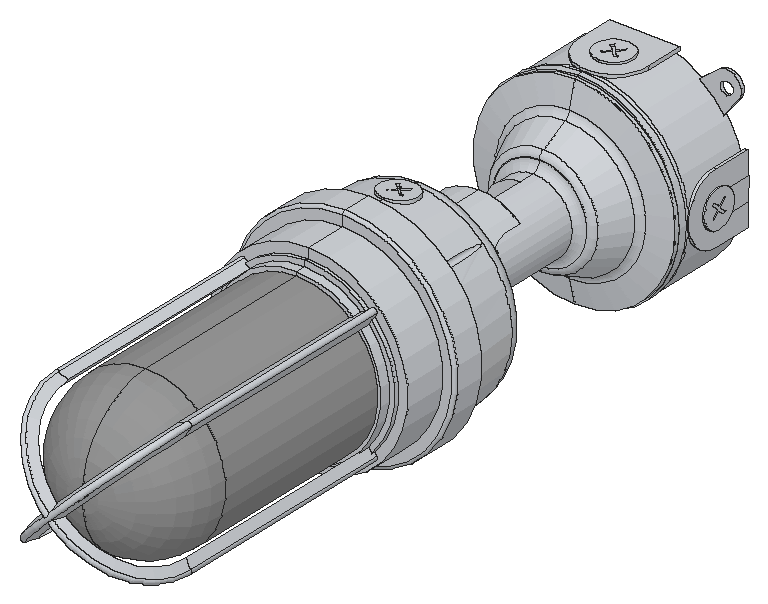
Revit family "Jelly Jar_Wall&Ceiling_20W_3000K&4000K&5000K", category Lighting Fixtures, Revit 2022
Family settings
  Round Connector Dimension = Use Diameter
  Part Type = Normal
  Work Plane-Based = No
  Always vertical = No
  Cut with Voids When Loaded = No
  Light Source = No
  Maintain Annotation Orientation = No
  Shared = No
  Room Calculation Point = No
Parameters (values of type "Jelly Jar_Ceiling Mount_20W_4000K")
  Wattage = "20W"
  Wall Mount = no
  URL = "https://www.abovealllighting.com/Product/LED-OUTDOOR-FIXTURES/LED-Pot-Series-Vapor-Proof-Fixtures/JellyJarLEDVaporProofLight.html"
  Power Factor = "0.9"
  Model = "JJR20LEDSW1-CWM-GY"
  Manufacturer = "Above All Lighting"
  Luminaire = Luminaire : 4000K
  Lumen Output = "1900lx"
  Load Classification = Lighting
  Lamp = "LED"
  Input Voltage = "120-277V"
  IP Rating = "65"
  Description = "Jelly Jar LED Vapor Proof Light"
  Default Elevation = 0' - 0"
  Ceiling Mount = yes
  CRI = "80"
  CCT = "4000K"
Types (7): name | Wall Mount | Luminaire | Lumen Output | Ceiling Mount | CCT
  (no name) | no | Luminaire : 4000K | "1900lx" | yes | "4000K"
  Jelly Jar_Wall Mount_20W_3000K | yes | Luminaire : 3000K | "1700lx" | no | "3000K"
  Jelly Jar_Ceiling Mount_20W_3000K | no | Luminaire : 3000K | "1700lx" | yes | "3000K"
  Jelly Jar_Wall Mount_20W_4000K | yes | Luminaire : 4000K | "1900lx" | no | "4000K"
  Jelly Jar_Wall Mount_20W_5000K | yes | Luminaire : 5000K | "1800lx" | no | "5000K"
  Jelly Jar_Ceiling Mount_20W_4000K | no | Luminaire : 4000K | "1900lx" | yes | "4000K"
  Jelly Jar_Ceiling Mount_20W_5000K | no | Luminaire : 5000K | "1800lx" | yes | "5000K"
Reference planes (in)
  plane 1 "Center (Front/Back)": y = 0
  plane 2: z = 0
  plane 3 "Center (Left/Right)": x = 0
  plane 4: y = -7.09
  plane 5: y = -4.73
  plane 6: y = -4.35276
  plane 7: y = -4.35276
Forms (in)
  Revolve 1, solid
    sketch origin (0, 0, 0) x (0, 1, 0) y (0, 0, 1)
      loop
        line (0, 2.125) -> (-1.5, 2.125)
        arc (-1.5, 2.125) -> (-1.57469, 2.09406) -> (-1.60563, 2.01937) r 0.10563
        line (-1.60563, 2.01937) -> (-1.60563, 2.1428) -> (-1.74681, 2.1428) -> (-1.74681, 2.11205) -> (-1.83333, 2.11205) -> (-1.94608, 1.5816)
        arc (-1.94608, 1.5816) -> (-1.9875, 1.49278) -> (-2.06366, 1.4311) r 0.21784
        line (-2.06366, 1.4311) -> (-2.64853, 1.14584)
        arc (-2.64853, 1.14584) -> (-2.71914, 1.08337) -> (-2.74749, 0.99346) r 0.17639
        line (-2.74749, 0.99346) -> (-2.74749, 0) -> (0, 0) -> (0, 2.125)
      axis (-2.74749, 0) -> (0, 0)
    angle from 0 to 360
  Revolve 2, solid
    sketch origin (0, 0, 0) x (0, 1, 0) y (0, 0, 1)
      loop
        arc (-2.74749, 0.99346) -> (-2.78723, 0.86869) -> (-2.89088, 0.78867) r 0.2198
        line (-2.89088, 0.78867) -> (-4.73, 0.78867)
        arc (-4.73, 0.78867) -> (-5.28768, 0.55768) -> (-5.51867, 0) r 0.78867
        line (-5.51867, 0) -> (-2.74749, 0) -> (-2.74749, 0.99346)
      axis (-5.51867, 0) -> (-2.74749, 0)
    angle from 0 to 360
  Extrusion 3, void
    sketch origin (0, 0, 0) x (1, 0, 0) y (0, 1, 0)
      loop
        line (0, -3.22864) -> (-0.85464, -3.22864) -> (-0.85464, -5.59143) -> (0, -5.59143) -> (0, -3.22864)
    from -0.90701 to 0.9336
  Extrusion 4, solid
    sketch origin (2.11205, 0, -0.00142) x (0, 1, 0) y (0, 0, 1)
      loop
        line (0, 0.24536) -> (-0.80493, 0.24536)
        arc (-0.80493, 0.24536) -> (-1.04887, 0.00142) -> (-0.80493, -0.24251) r 0.24394
        line (-0.80493, -0.24251) -> (0, -0.24251) -> (0, 0.24536)
    from 0 to 0.0625
  Extrusion 5, solid
    sketch origin (2.16574, 0, 0) x (0, 1, 0) y (0, 0, 1)
      loop
        circle (-0.80317, 0) r 0.39065
    from -0.02244 to 0.04006
  Extrusion 6, void
    sketch origin (0, 0, 0) x (0, 1, 0) y (0, 0, 1)
      loop
        line (-0.67639, 0.17769) -> (-0.80317, 0.0509) -> (-0.92995, 0.17769) -> (-0.98288, 0.12476) -> (-0.85812, 0) -> (-0.98288, -0.12476) -> (-0.92995, -0.17769) -> (-0.80317, -0.0509) -> (-0.67639, -0.17769) -> (-0.62346, -0.12476) -> (-0.74822, 0) -> (-0.62346, 0.12476) -> (-0.67639, 0.17769)
    from 2.17455 to 2.2058
  Extrusion 7, solid, not visible
    sketch origin (2.11205, 0, -0.00142) x (0, 1, 0) y (0, 0, 1)
      loop
        line (0, 0.24536) -> (-0.80493, 0.24536)
        arc (-0.80493, 0.24536) -> (-1.04887, 0.00142) -> (-0.80493, -0.24251) r 0.24394
        line (-0.80493, -0.24251) -> (0, -0.24251) -> (0, 0.24536)
    from 0 to 0.0625
  Extrusion 8, solid, not visible
    sketch origin (2.16574, 0, 0) x (0, 1, 0) y (0, 0, 1)
      loop
        circle (-0.80317, 0) r 0.39065
    from -0.02244 to 0.04006
  Extrusion 9, void, not visible
    sketch origin (0, 0, 0) x (0, 1, 0) y (0, 0, 1)
      loop
        line (-0.67639, 0.17769) -> (-0.80317, 0.0509) -> (-0.92995, 0.17769) -> (-0.98288, 0.12476) -> (-0.85812, 0) -> (-0.98288, -0.12476) -> (-0.92995, -0.17769) -> (-0.80317, -0.0509) -> (-0.67639, -0.17769) -> (-0.62346, -0.12476) -> (-0.74822, 0) -> (-0.62346, 0.12476) -> (-0.67639, 0.17769)
    from 2.17455 to 2.2058
  Extrusion 10, solid
    sketch origin (-2.11205, 0, -0.00142) x (0, -1, 0) y (0, 0, 1)
      loop
        line (0, 0.24536) -> (0, -0.24251) -> (0.80493, -0.24251)
        arc (0.80493, -0.24251) -> (1.04887, 0.00142) -> (0.80493, 0.24536) r 0.24394
        line (0.80493, 0.24536) -> (0, 0.24536)
    from 0 to 0.0625
  Extrusion 11, solid
    sketch origin (-2.16574, 0, 0) x (0, -1, 0) y (0, 0, 1)
      loop
        circle (0.80317, 0) r 0.39065
    from -0.02244 to 0.04006
  Extrusion 12, void
    sketch origin (0, 0, 0) x (0, -1, 0) y (0, 0, 1)
      loop
        line (0.67639, 0.17769) -> (0.62346, 0.12476) -> (0.74822, 0) -> (0.62346, -0.12476) -> (0.67639, -0.17769) -> (0.80317, -0.0509) -> (0.92995, -0.17769) -> (0.98288, -0.12476) -> (0.85812, 0) -> (0.98288, 0.12476) -> (0.92995, 0.17769) -> (0.80317, 0.0509) -> (0.67639, 0.17769)
    from 2.17455 to 2.2058
  Extrusion 13, solid
    sketch origin (-0.00142, 0, 2.09375) x (0, -1, 0) y (1, 0, 0)
      loop
        line (0, 0.73324) -> (0, -0.73039) -> (0.80493, -0.73039)
        arc (0.80493, -0.73039) -> (1.53675, 0.00142) -> (0.80493, 0.73324) r 0.73182
        line (0.80493, 0.73324) -> (0, 0.73324)
    from 0 to 0.0625
  Extrusion 14, solid
    sketch origin (0, 0, 2.14744) x (0, -1, 0) y (1, 0, 0)
      loop
        circle (0.80317, 0) r 0.39065
    from -0.02244 to 0.04006
  Extrusion 15, void
    sketch origin (0, 0, -0.0183) x (0, -1, 0) y (1, 0, 0)
      loop
        line (0.67639, 0.17769) -> (0.62346, 0.12476) -> (0.74822, 0) -> (0.62346, -0.12476) -> (0.67639, -0.17769) -> (0.80317, -0.0509) -> (0.92995, -0.17769) -> (0.98288, -0.12476) -> (0.85812, 0) -> (0.98288, 0.12476) -> (0.92995, 0.17769) -> (0.80317, 0.0509) -> (0.67639, 0.17769)
    from 2.17455 to 2.2058
  Extrusion 16, solid
    sketch origin (-0.00142, 0, -2.16988) x (-1, 0, 0) y (0, -1, 0)
      loop
        line (-0.73324, 0) -> (0.73039, 0) -> (0.73039, 0.80493)
        arc (0.73039, 0.80493) -> (-0.00142, 1.53675) -> (-0.73324, 0.80493) r 0.73182
        line (-0.73324, 0.80493) -> (-0.73324, 0)
    from 0 to 0.0625
  Extrusion 17, solid
    sketch origin (0, 0, -2.18286) x (-1, 0, 0) y (0, -1, 0)
      loop
        circle (0, 0.80317) r 0.39065
    from -0.02244 to 0.04006
  Extrusion 18, void
    sketch origin (0, 0, -4.37985) x (-1, 0, 0) y (0, -1, 0)
      loop
        line (-0.17769, 0.67639) -> (-0.12476, 0.62346) -> (0, 0.74822) -> (0.12476, 0.62346) -> (0.17769, 0.67639) -> (0.0509, 0.80317) -> (0.17769, 0.92995) -> (0.12476, 0.98288) -> (0, 0.85812) -> (-0.12476, 0.98288) -> (-0.17769, 0.92995) -> (-0.0509, 0.80317) -> (-0.17769, 0.67639)
    from 2.17455 to 2.2058
  Extrusion 19, solid
    sketch origin (0, 0, 0) x (1, 0, 0) y (0, 0, 1)
      loop
        arc (-2.08923, -1.63102) -> (-2.04145, -1.99454) -> (-1.67793, -2.04232) r 0.30106
        line (-1.67793, -2.04232) -> (-1.22377, -1.68749) -> (-1.72826, -1.16618) -> (-2.08923, -1.63102)
      loop
        circle (-1.78191, -1.78191) r 0.138
    from 0 to 0.0625
  Extrusion 20, solid
    sketch origin (0, 0, 0) x (0, 0, -1) y (1, 0, 0)
      loop
        line (-2.08923, 1.63102) -> (-1.72826, 1.16618) -> (-1.22377, 1.68749) -> (-1.67793, 2.04232)
        arc (-1.67793, 2.04232) -> (-2.04145, 1.99454) -> (-2.08923, 1.63102) r 0.30106
      loop
        circle (-1.78191, 1.78191) r 0.138
    from 0 to 0.0625
  Extrusion 21, solid
    sketch origin (-2.09375, 0, -0.00142) x (0, -1, 0) y (0, 0, 1)
      loop
        line (0, 0.73324) -> (0, -0.73039) -> (0.80493, -0.73039)
        arc (0.80493, -0.73039) -> (1.53675, 0.00142) -> (0.80493, 0.73324) r 0.73182
        line (0.80493, 0.73324) -> (0, 0.73324)
    from 0 to 0.0625
  Extrusion 22, solid
    sketch origin (2.09375, 0, 0.00142) x (0, -1, 0) y (0, 0, -1)
      loop
        line (0, 0.73324) -> (0, -0.73039) -> (0.80493, -0.73039)
        arc (0.80493, -0.73039) -> (1.53675, 0.00142) -> (0.80493, 0.73324) r 0.73182
        line (0.80493, 0.73324) -> (0, 0.73324)
    from 0 to 0.0625
Cuts and joins
  Extrusion 3 cuts Revolve 2
  Extrusion 6 cuts Revolve 1
  Extrusion 6, Extrusion 12 cuts Extrusion 4
  Extrusion 6, Extrusion 12 cuts Extrusion 5
  Extrusion 12 cuts Extrusion 10
  Extrusion 12 cuts Extrusion 11
  Extrusion 15, Extrusion 18 cuts Extrusion 13
  Extrusion 15, Extrusion 18 cuts Extrusion 14
  Extrusion 18 cuts Extrusion 16
  Extrusion 18 cuts Extrusion 17
Lines and regions (in)
  reference lines
    curve 1: line (0, -4.35276, 0) -> (0, -24.98, 0)
Dimensions and locks (in)
  plane 5 to plane 1 "Center (Front/Back)" = 0' - 4.73"
  locked: plane 5 to plane 6 at 0.37724
  aligned and locked: plane 2 to level
Nested families (in)
  nested 1: "Luminaire" at (0, -4.65245, 4.81217) x (0, 0, -1) z (-1, 0, 0), visible <- "Wall Mount", type <- "Luminaire", type "4000K"
    with built-in parameter 1001306 1.1042 (stored number, unit not read)
  nested 2: "Luminaire" at (0.00296, 0.09094, -0.0775) x (0, -1, 0) z (-1, 0, 0), visible <- "Ceiling Mount", type <- "Luminaire", type "4000K"
    with built-in parameter 1001306 1.8542 (stored number, unit not read)
Definition of nested family "Luminaire"
  Parameters (values of type "5000K")
    Wattage = 12.1178 W
    built-in parameter 1150110 = 1 (stored number, unit not read)
    built-in parameter 1114217 = 1 (stored number, unit not read)
    Tilt Angle = 0.00°
    built-in parameter 1150109 = 1 (stored number, unit not read)
    built-in parameter 1150134 = 2
    built-in parameter 1150113 = 1 (stored number, unit not read)
    Power Factor = ""
    Photometric Web File = "JJR20LEDSW1-CWM-GY_5000K.IES"
    Manufacturer = "Above All Lighting"
    built-in parameter 1150105 = 311.39 (stored number, unit not read)
    Lumens = 1800 lm
    built-in parameter 1150115 = 1 (stored number, unit not read)
    Load Classification = none
    built-in parameter 1150137 = (empty or 0)
    built-in parameter 1150139 = (empty or 0)
    built-in parameter 1001306 [instance] = 4' - 0"
    built-in parameter 1150112 = 1 (stored number, unit not read)
    built-in parameter 1150114 = 1 (stored number, unit not read)
    Input Voltage = ""
    built-in parameter 1150132 = 2
    built-in parameter 1150102 = (empty or 0)
    built-in parameter 1150107 = 5000 (stored number, unit not read)
    built-in parameter 1150138 = (empty or 0)
    built-in parameter 1150106 = 3.1139 (stored number, unit not read)
    IP Rating = ""
    built-in parameter 1150104 = 13.8 (stored number, unit not read)
    Dimming Lamp Color Temperature Shift = (empty or 0)
    Default Elevation = 0' - 0"
    Color Filter = 16777215
    CRI = ""
    built-in parameter 1114218 = 1 (stored number, unit not read)
    built-in parameter 1150133 = 10 (stored number, unit not read)
  Types (4): name | Wattage | built-in parameter 1150134 | Photometric Web File | built-in parameter 1150105 | Lumens | built-in parameter 1150107 | built-in parameter 1150106
    (no name) | 12.1178 W | 2 | "JJR20LEDSW1-CWM-GY_5000K.IES" | 311.39 (stored number, unit not read) | 1800 lm | 5000 (stored number, unit not read) | 3.1139 (stored number, unit not read)
    3000K | 11.4446 W | (empty or 0) | "JJR20LEDSW1-CWM-GY_3000K.IES" | 288.5 (stored number, unit not read) | 1700 lm | 3000 (stored number, unit not read) | 2.885 (stored number, unit not read)
    4000K | 12.791 W | 12 | "JJR20LEDSW1-CWM-GY_4000K.IES" | 322.44 (stored number, unit not read) | 1900 lm | 4000 (stored number, unit not read) | 3.2244 (stored number, unit not read)
    5000K | 12.1178 W | 2 | "JJR20LEDSW1-CWM-GY_5000K.IES" | 311.39 (stored number, unit not read) | 1800 lm | 5000 (stored number, unit not read) | 3.1139 (stored number, unit not read)
  Reference planes (in)
    plane 1 "Center (Front/Back)": y = 0
    plane 2: z = 0
    plane 3 "Left": x = 0
    plane 4 "Right": x = 48
    plane 5: x = 15.75
    plane 6: x = 4.71875
    plane 7: y = 2.36
    plane 8: y = -2.36
  Forms (in)
    Revolve 1, solid
      sketch origin (0, 0, 0) x (1, 0, 0) y (0, 1, 0)
        loop
          line (3.96875, 0) -> (8.89455, 0) -> (9.18399, 0) -> (9.18399, 1.76047) -> (8.97492, 1.76047) -> (8.97492, 1.88163) -> (8.89455, 1.88163) -> (8.89455, 2.08444) -> (7.9893, 2.08444) -> (7.9893, 2.2967)
          arc (7.9893, 2.2967) -> (7.97075, 2.34146) -> (7.92599, 2.36) r 0.0633
          line (7.92599, 2.36) -> (7.31119, 2.36) -> (7.31119, 2.21743)
          arc (7.31119, 2.21743) -> (7.23548, 2.16342) -> (7.14544, 2.14014) r 0.25517
          line (7.14544, 2.14014) -> (6.14787, 2.07038)
          arc (6.14787, 2.07038) -> (5.89787, 1.96683) -> (5.79432, 1.71683) r 0.35355
          line (5.79432, 1.71683) -> (5.79432, 1.21683) -> (4.43558, 1.21683) -> (3.96875, 0.75) -> (3.96875, 0)
        axis (3.96875, 0) -> (9.18399, 0)
      angle from 0 to 360
    Revolve 2, solid
      sketch origin (0, 0, 0) x (1, 0, 0) y (0, 1, 0)
        loop
          line (9.18399, 1.68017) -> (9.18399, 0) -> (14.81535, 0)
          arc (14.81535, 0) -> (14.33043, 1.18738) -> (13.1463, 1.68017) r 1.66908
          line (13.1463, 1.68017) -> (9.18399, 1.68017)
        axis (9.18399, 0) -> (14.81535, 0)
      angle from 0 to 360
    Sweep 3, solid
      path in 3D
        loop
          line (8.89455, -1.41421, 1.41421) -> (13.75, -1.41421, 1.41421)
          arc (13.75, -1.41421, 1.41421) -> (15.75, 0, 0) -> (13.75, 1.41421, -1.41421) r 2
          line (13.75, 1.41421, -1.41421) -> (8.89455, 1.41421, -1.41421)
      profile origin (11.32228, 1.41421, -1.41421) x (0, -1, 0) y (0, 0, 1)
        loop
          line (0.08965, 0.26643) -> (-0.00992, 0.07847)
          arc (-0.00992, 0.07847) -> (0, 0) -> (0.07847, -0.00992) r 0.06453
          line (0.07847, -0.00992) -> (0.26643, 0.08965) -> (0.08965, 0.26643)
    Sweep 4, solid
      path in 3D
        loop
          line (8.89455, 1.41421, 1.41421) -> (13.75, 1.41421, 1.41421)
          arc (13.75, 1.41421, 1.41421) -> (15.75, 0, 0) -> (13.75, -1.41421, -1.41421) r 2
          line (13.75, -1.41421, -1.41421) -> (8.89455, -1.41421, -1.41421)
      profile origin (11.32228, -1.41421, -1.41421) x (0, -1, 0) y (0, 0, 1)
        loop
          line (-0.26643, 0.08965) -> (-0.07847, -0.00992)
          arc (-0.07847, -0.00992) -> (0, 0) -> (0.00992, 0.07847) r 0.06453
          line (0.00992, 0.07847) -> (-0.08965, 0.26643) -> (-0.26643, 0.08965)
    Extrusion 5, void
      sketch origin (0, 0, 0) x (1, 0, 0) y (0, 1, 0)
        loop
          line (5.60084, -1.21683) -> (5.60084, 0)
          arc (5.60084, 0) -> (5.40371, 0.6067) -> (4.82094, 0.86617) r 0.7842
          line (4.82094, 0.86617) -> (4.08492, 0.86617) -> (3.93558, 0.71683) -> (3.93558, -1.21683) -> (5.60084, -1.21683)
      from 0 to -1.61846
    Extrusion 6, solid, not visible
      sketch origin (0, 0, 2.03054) x (1, 0, 0) y (0, 1, 0)
        loop
          circle (6.53989, 0) r 0.39062
      from 0.03984 to 0.10234
    Extrusion 7, void, not visible
      sketch origin (0, 0, 2.07038) x (1, 0, 0) y (0, 1, 0)
        loop
          line (6.67247, 0.17678) -> (6.53989, 0.04419) -> (6.40731, 0.17678) -> (6.36311, 0.13258) -> (6.49569, 0) -> (6.36311, -0.13258) -> (6.40731, -0.17678) -> (6.53989, -0.04419) -> (6.67247, -0.17678) -> (6.71666, -0.13258) -> (6.58408, 0) -> (6.71666, 0.13258) -> (6.67247, 0.17678)
      from 0 to 0.0625
    Extrusion 8, void
      sketch origin (0, 1.50818, -0.44335) x (0, 0.707107, -0.707107) y (0, 0.707107, 0.707107)
        loop
          circle (-1.37994, 1.37994) r 0.0625
      from 6.14787 to 7.31119
    Extrusion 9, void
      sketch origin (0, -0.44335, -1.50818) x (0, -0.707107, -0.707107) y (0, 0.707107, -0.707107)
        loop
          circle (-1.37994, 1.37994) r 0.0625
      from 6.14787 to 7.31119
    Extrusion 10, void
      sketch origin (0, -1.50818, 0.44335) x (0, -0.707107, 0.707107) y (0, -0.707107, -0.707107)
        loop
          circle (-1.37994, 1.37994) r 0.0625
      from 6.14787 to 7.31119
    Extrusion 11, void
      sketch origin (0, 0.44335, 1.50818) x (0, 0.707107, 0.707107) y (0, -0.707107, 0.707107)
        loop
          circle (-1.37994, 1.37994) r 0.0625
      from 6.14787 to 7.31119
    Extrusion 12, solid
      sketch origin (0.57656, 1.60529, 0) x (0.997564, 0.069756, 0) y (0, 0, -1)
        loop
          circle (5.97833, 0) r 0.39062
      from 0.03984 to 0.10234
    Extrusion 13, void
      sketch origin (0.57378, 1.64504, 0) x (0.997564, 0.069756, 0) y (0, 0, -1)
        loop
          line (6.09731, 0.17678) -> (5.96729, 0.04419) -> (5.83728, 0.17678) -> (5.79394, 0.13258) -> (5.92395, 0) -> (5.79394, -0.13258) -> (5.83728, -0.17678) -> (5.96729, -0.04419) -> (6.09731, -0.17678) -> (6.14064, -0.13258) -> (6.01063, 0) -> (6.14064, 0.13258) -> (6.09731, 0.17678)
      from 0 to 0.0625
  Cuts and joins
    Extrusion 5, Extrusion 8, Extrusion 9, Extrusion 10, Extrusion 11, Extrusion 13 cuts Revolve 1
    Extrusion 13 cuts Extrusion 12
  Lines and regions (in)
    reference lines
      curve 1: line (0, 0, 0) -> (48, 0, 0)
    sketch lines
      curve 2: line (13.75, 1.41421, -1.41421) -> (8.89455, 1.41421, -1.41421)
      curve 3: arc (13.75, 1.41421, -1.41421) -> (15.75, 0, 0) -> (13.75, -1.41421, 1.41421) r 2
      curve 4: line (13.75, -1.41421, 1.41421) -> (8.89455, -1.41421, 1.41421)
      curve 5: line (13.75, -1.41421, -1.41421) -> (8.89455, -1.41421, -1.41421)
      curve 6: arc (13.75, -1.41421, -1.41421) -> (15.75, 0, 0) -> (13.75, 1.41421, 1.41421) r 2
      curve 7: line (13.75, 1.41421, 1.41421) -> (8.89455, 1.41421, 1.41421)
  Dimensions and locks (in)
    "built-in parameter 1001306": plane 3 "Left" to plane 4 "Right"
    aligned and locked: plane 4 "Right" to curve 1
    aligned and locked: plane 1 "Center (Front/Back)" to curve 1
    aligned and locked: plane 3 "Left" to curve 1
    aligned and locked: level to plane 2
  Automatic sketch dimensions
    plane 1 "Center (Front/Back)" to Revolve 1 sketch curve = 0' - 0"  (x2)
    Revolve 1 sketch curve to plane 3 "Left" = 0' - 0"
    Revolve 1 sketch curve to plane 7 = 0' - 0"
    Revolve 1 sketch curve to plane 4 "Right" = 0' - 0"
    Revolve 1 sketch curve to plane 6 = 0' - 0 3/4"
    Revolve 1 sketch curve to plane 6 = 0' - 0.28317"
    Revolve 1 sketch curve to plane 7 = 0' - 0.64317"
    plane 6 to Revolve 1 sketch curve = 0' - 1.07557"
    Revolve 1 sketch curve to Revolve 1 sketch curve = 0' - 0.35355"
    plane 7 to Revolve 1 sketch curve = 0' - 0.03469"
    Revolve 1 sketch curve to Revolve 1 sketch curve = 0' - 0.97976"
    Revolve 1 sketch curve to plane 7 = 0' - 0.21986"
    Revolve 1 sketch curve to Revolve 1 sketch curve = 0' - 0.0178"
    Revolve 1 sketch curve to Revolve 1 sketch curve = 0' - 0.18356"
    Revolve 1 sketch curve to plane 7 = 0' - 0.0633"
    Revolve 1 sketch curve to Revolve 1 sketch curve = 0' - 0.6148"
    Revolve 1 sketch curve to Revolve 1 sketch curve = 0' - 0.90526"  (x2)
    Revolve 1 sketch curve to plane 7 = 0' - 0.27556"
    Revolve 1 sketch curve to Revolve 1 sketch curve = 0' - 0.08036"
    Revolve 1 sketch curve to Revolve 1 sketch curve = 0' - 0.20907"
    Revolve 1 sketch curve to Revolve 1 sketch curve = 0' - 0 3/4"
    Revolve 1 sketch curve to Revolve 1 sketch curve = 0' - 0.46683"
    Revolve 1 sketch curve to Revolve 1 sketch curve = 0' - 0.32396"
    Revolve 1 sketch curve to Revolve 1 sketch curve = 0' - 0.12116"
    plane 1 "Center (Front/Back)" to Revolve 2 sketch curve = 0' - 0"
    plane 6 to Revolve 2 sketch curve = 0' - 4.46524"
    Revolve 2 sketch curve to plane 1 "Center (Front/Back)" = 0' - 0.01109"
    Revolve 2 sketch curve to plane 5 = 0' - 2.6037"
    Revolve 2 sketch curve to plane 7 = 0' - 0.67983"
    profile plane to Sweep 3 sketch curve = 0' - 0.00992"
    Sweep 3 sketch curve to profile plane = 0' - 0.04563"
    Sweep 3 sketch curve to profile plane = 0' - 0.00992"
    Sweep 3 sketch curve to Sweep 3 sketch curve = 0' - 0.03284"
    Sweep 3 sketch curve to profile plane = 0' - 0.08965"
    profile plane to Sweep 3 sketch curve = 0' - 0.08965"
    Sweep 3 sketch curve to Sweep 3 sketch curve = 0' - 0.18796"  (x2)
    profile plane to Sweep 3 sketch curve = 0' - 0.04563"
    profile plane to Sweep 4 sketch curve = 0' - 0.08965"  (x2)
    profile plane to Sweep 4 sketch curve = 0' - 0.26643"
    Sweep 4 sketch curve to profile plane = 0' - 0.00992"  (x2)
    profile plane to Sweep 4 sketch curve = 0' - 0.07847"
    profile plane to Sweep 4 sketch curve = 0' - 0.04563"  (x2)
    Sweep 4 sketch curve to Sweep 4 sketch curve = 0' - 0.18796"
    plane 1 "Center (Front/Back)" to Extrusion 5 sketch curve = 0' - 0"
    Extrusion 5 sketch curve to plane 6 = 0' - 0.78317"
    plane 6 to Extrusion 5 sketch curve = 0' - 0.10219"
    plane 6 to Extrusion 5 sketch curve = 0' - 0.88209"
    Extrusion 5 sketch curve to plane 8 = 0' - 1.14317"
    Extrusion 5 sketch curve to plane 1 "Center (Front/Back)" = 0' - 0.08197"
    Extrusion 5 sketch curve to Extrusion 5 sketch curve = 0' - 0.14934"  (x2)
    Extrusion 7 sketch curve to Extrusion 7 sketch curve = 0' - 0"  (x2)
    Extrusion 7 sketch curve to Extrusion 7 sketch curve = 0' - 0.04419"  (x6)
    Extrusion 7 sketch curve to Extrusion 7 sketch curve = 0' - 0.08839"
    Extrusion 7 sketch curve to Extrusion 7 sketch curve = 0' - 0.13258"  (x2)
    Extrusion 8 sketch curve to plane 7 = 0' - 0.85182"
    level to Extrusion 8 sketch curve = 0' - 1.50818"
    Extrusion 9 sketch curve to plane 7 = 0' - 0.85182"
    Extrusion 9 sketch curve to level = 0' - 1.50818"
    Extrusion 10 sketch curve to plane 8 = 0' - 0.85182"
    Extrusion 10 sketch curve to level = 0' - 1.50818"
    Extrusion 11 sketch curve to plane 8 = 0' - 0.85182"
    level to Extrusion 11 sketch curve = 0' - 1.50818"
    Extrusion 13 sketch curve to Extrusion 13 sketch curve = 0' - 0"  (x2)
    Extrusion 13 sketch curve to Extrusion 13 sketch curve = 0' - 0.04334"  (x6)
    Extrusion 13 sketch curve to Extrusion 13 sketch curve = 0' - 0.08668"
    Extrusion 13 sketch curve to Extrusion 13 sketch curve = 0' - 0.13001"  (x2)
    radius of Extrusion 6 sketch curve = 0' - 0 25/64"
    radius of Extrusion 8 sketch curve = 0' - 0 1/16"
    radius of Extrusion 9 sketch curve = 0' - 0 1/16"
    radius of Extrusion 10 sketch curve = 0' - 0 1/16"
    radius of Extrusion 11 sketch curve = 0' - 0 1/16"
    radius of Extrusion 12 sketch curve = 0' - 0 25/64"
